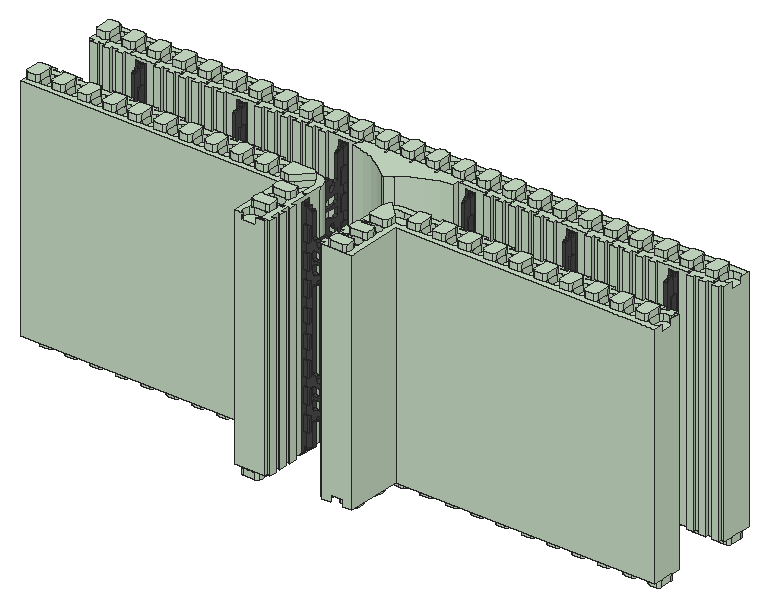
Revit family "ICF- NUDURA 4-inch- Short T Form Unit- Imperial", category Generic Models, Revit 2011 (continued)
Forms (in)
  Extrusion 96, void
    sketch origin (-7.99998, -2.00002, 0) x (0, -1, 0) y (1, 0, 0)
      loop
        arc (-5.13595, 25.17306) -> (-5.04517, 25.04783) -> (-4.89808, 24.99998) r 0.25
        line (-4.89808, 24.99998) -> (-3.97692, 24.99998)
        arc (-3.97692, 24.99998) -> (-3.82983, 25.04783) -> (-3.73905, 25.17306) r 0.25
        arc (-3.73905, 25.17306) -> (-3.69045, 25.4209) -> (-3.70172, 25.67321) r 1.0625
        arc (-3.70172, 25.67321) -> (-3.68771, 25.72383) -> (-3.64005, 25.7459) r 0.0625
        line (-3.64005, 25.7459) -> (-3.41845, 25.7459) -> (-3.41845, 25.91673) -> (-3.76455, 25.91673)
        arc (-3.76455, 25.91673) -> (-3.78736, 25.92104) -> (-3.80702, 25.93338) r 0.0625
        arc (-3.80702, 25.93338) -> (-3.88568, 25.98274) -> (-3.97692, 25.99998) r 0.25
        line (-3.97692, 25.99998) -> (-4.89808, 25.99998)
        arc (-4.89808, 25.99998) -> (-5.04517, 25.95213) -> (-5.13595, 25.8269) r 0.25
        arc (-5.13595, 25.8269) -> (-5.1875, 25.49998) -> (-5.13595, 25.17306) r 1.0625
    from 0 to 0.5
  Extrusion 97, void
    sketch origin (-5.99998, -2.00002, 0) x (0, -1, 0) y (1, 0, 0)
      loop
        arc (-5.13595, 25.17306) -> (-5.04517, 25.04783) -> (-4.89808, 24.99998) r 0.25
        line (-4.89808, 24.99998) -> (-3.97692, 24.99998)
        arc (-3.97692, 24.99998) -> (-3.82983, 25.04783) -> (-3.73905, 25.17306) r 0.25
        arc (-3.73905, 25.17306) -> (-3.69045, 25.4209) -> (-3.70172, 25.67321) r 1.0625
        arc (-3.70172, 25.67321) -> (-3.68771, 25.72383) -> (-3.64005, 25.7459) r 0.0625
        line (-3.64005, 25.7459) -> (-3.41845, 25.7459) -> (-3.41845, 25.91673) -> (-3.76455, 25.91673)
        arc (-3.76455, 25.91673) -> (-3.78736, 25.92104) -> (-3.80702, 25.93338) r 0.0625
        arc (-3.80702, 25.93338) -> (-3.88568, 25.98274) -> (-3.97692, 25.99998) r 0.25
        line (-3.97692, 25.99998) -> (-4.89808, 25.99998)
        arc (-4.89808, 25.99998) -> (-5.04517, 25.95213) -> (-5.13595, 25.8269) r 0.25
        arc (-5.13595, 25.8269) -> (-5.1875, 25.49998) -> (-5.13595, 25.17306) r 1.0625
    from 0 to 0.5
  Extrusion 98, void
    sketch origin (-3.99998, -2.00002, 0) x (0, -1, 0) y (1, 0, 0)
      loop
        arc (-5.13595, 25.17306) -> (-5.04517, 25.04783) -> (-4.89808, 24.99998) r 0.25
        line (-4.89808, 24.99998) -> (-3.97692, 24.99998)
        arc (-3.97692, 24.99998) -> (-3.82983, 25.04783) -> (-3.73905, 25.17306) r 0.25
        arc (-3.73905, 25.17306) -> (-3.69045, 25.4209) -> (-3.70172, 25.67321) r 1.0625
        arc (-3.70172, 25.67321) -> (-3.68771, 25.72383) -> (-3.64005, 25.7459) r 0.0625
        line (-3.64005, 25.7459) -> (-3.41845, 25.7459) -> (-3.41845, 25.91673) -> (-3.76455, 25.91673)
        arc (-3.76455, 25.91673) -> (-3.78736, 25.92104) -> (-3.80702, 25.93338) r 0.0625
        arc (-3.80702, 25.93338) -> (-3.88568, 25.98274) -> (-3.97692, 25.99998) r 0.25
        line (-3.97692, 25.99998) -> (-4.89808, 25.99998)
        arc (-4.89808, 25.99998) -> (-5.04517, 25.95213) -> (-5.13595, 25.8269) r 0.25
        arc (-5.13595, 25.8269) -> (-5.1875, 25.49998) -> (-5.13595, 25.17306) r 1.0625
    from 0 to 0.5
  Extrusion 99, void
    sketch origin (-1.99998, -2.00002, 0) x (0, -1, 0) y (1, 0, 0)
      loop
        arc (-5.13595, 25.17306) -> (-5.04517, 25.04783) -> (-4.89808, 24.99998) r 0.25
        line (-4.89808, 24.99998) -> (-3.97692, 24.99998)
        arc (-3.97692, 24.99998) -> (-3.82983, 25.04783) -> (-3.73905, 25.17306) r 0.25
        arc (-3.73905, 25.17306) -> (-3.69045, 25.4209) -> (-3.70172, 25.67321) r 1.0625
        arc (-3.70172, 25.67321) -> (-3.68771, 25.72383) -> (-3.64005, 25.7459) r 0.0625
        line (-3.64005, 25.7459) -> (-3.41845, 25.7459) -> (-3.41845, 25.91673) -> (-3.76455, 25.91673)
        arc (-3.76455, 25.91673) -> (-3.78736, 25.92104) -> (-3.80702, 25.93338) r 0.0625
        arc (-3.80702, 25.93338) -> (-3.88568, 25.98274) -> (-3.97692, 25.99998) r 0.25
        line (-3.97692, 25.99998) -> (-4.89808, 25.99998)
        arc (-4.89808, 25.99998) -> (-5.04517, 25.95213) -> (-5.13595, 25.8269) r 0.25
        arc (-5.13595, 25.8269) -> (-5.1875, 25.49998) -> (-5.13595, 25.17306) r 1.0625
    from 0 to 0.5
  Extrusion 100, void
    sketch origin (-49.99998, -2.00002, 0) x (0, -1, 0) y (1, 0, 0)
      loop
        arc (-5.13595, 25.17306) -> (-5.04517, 25.04783) -> (-4.89808, 24.99998) r 0.25
        line (-4.89808, 24.99998) -> (-3.97692, 24.99998)
        arc (-3.97692, 24.99998) -> (-3.82983, 25.04783) -> (-3.73905, 25.17306) r 0.25
        arc (-3.73905, 25.17306) -> (-3.69045, 25.4209) -> (-3.70172, 25.67321) r 1.0625
        arc (-3.70172, 25.67321) -> (-3.68771, 25.72383) -> (-3.64005, 25.7459) r 0.0625
        line (-3.64005, 25.7459) -> (-3.41845, 25.7459) -> (-3.41845, 25.91673) -> (-3.76455, 25.91673)
        arc (-3.76455, 25.91673) -> (-3.78736, 25.92104) -> (-3.80702, 25.93338) r 0.0625
        arc (-3.80702, 25.93338) -> (-3.88568, 25.98274) -> (-3.97692, 25.99998) r 0.25
        line (-3.97692, 25.99998) -> (-4.89808, 25.99998)
        arc (-4.89808, 25.99998) -> (-5.04517, 25.95213) -> (-5.13595, 25.8269) r 0.25
        arc (-5.13595, 25.8269) -> (-5.1875, 25.49998) -> (-5.13595, 25.17306) r 1.0625
    from 0 to 0.5
  Extrusion 101, void
    sketch origin (-47.99998, -2.00002, 0) x (0, -1, 0) y (1, 0, 0)
      loop
        arc (-5.13595, 25.17306) -> (-5.04517, 25.04783) -> (-4.89808, 24.99998) r 0.25
        line (-4.89808, 24.99998) -> (-3.97692, 24.99998)
        arc (-3.97692, 24.99998) -> (-3.82983, 25.04783) -> (-3.73905, 25.17306) r 0.25
        arc (-3.73905, 25.17306) -> (-3.69045, 25.4209) -> (-3.70172, 25.67321) r 1.0625
        arc (-3.70172, 25.67321) -> (-3.68771, 25.72383) -> (-3.64005, 25.7459) r 0.0625
        line (-3.64005, 25.7459) -> (-3.41845, 25.7459) -> (-3.41845, 25.91673) -> (-3.76455, 25.91673)
        arc (-3.76455, 25.91673) -> (-3.78736, 25.92104) -> (-3.80702, 25.93338) r 0.0625
        arc (-3.80702, 25.93338) -> (-3.88568, 25.98274) -> (-3.97692, 25.99998) r 0.25
        line (-3.97692, 25.99998) -> (-4.89808, 25.99998)
        arc (-4.89808, 25.99998) -> (-5.04517, 25.95213) -> (-5.13595, 25.8269) r 0.25
        arc (-5.13595, 25.8269) -> (-5.1875, 25.49998) -> (-5.13595, 25.17306) r 1.0625
    from 0 to 0.5
  Extrusion 102, void
    sketch origin (-45.99998, -2.00002, 0) x (0, -1, 0) y (1, 0, 0)
      loop
        arc (-5.13595, 25.17306) -> (-5.04517, 25.04783) -> (-4.89808, 24.99998) r 0.25
        line (-4.89808, 24.99998) -> (-3.97692, 24.99998)
        arc (-3.97692, 24.99998) -> (-3.82983, 25.04783) -> (-3.73905, 25.17306) r 0.25
        arc (-3.73905, 25.17306) -> (-3.69045, 25.4209) -> (-3.70172, 25.67321) r 1.0625
        arc (-3.70172, 25.67321) -> (-3.68771, 25.72383) -> (-3.64005, 25.7459) r 0.0625
        line (-3.64005, 25.7459) -> (-3.41845, 25.7459) -> (-3.41845, 25.91673) -> (-3.76455, 25.91673)
        arc (-3.76455, 25.91673) -> (-3.78736, 25.92104) -> (-3.80702, 25.93338) r 0.0625
        arc (-3.80702, 25.93338) -> (-3.88568, 25.98274) -> (-3.97692, 25.99998) r 0.25
        line (-3.97692, 25.99998) -> (-4.89808, 25.99998)
        arc (-4.89808, 25.99998) -> (-5.04517, 25.95213) -> (-5.13595, 25.8269) r 0.25
        arc (-5.13595, 25.8269) -> (-5.1875, 25.49998) -> (-5.13595, 25.17306) r 1.0625
    from 0 to 0.5
  Extrusion 103, void
    sketch origin (-43.99998, -2.00002, 0) x (0, -1, 0) y (1, 0, 0)
      loop
        arc (-5.13595, 25.17306) -> (-5.04517, 25.04783) -> (-4.89808, 24.99998) r 0.25
        line (-4.89808, 24.99998) -> (-3.97692, 24.99998)
        arc (-3.97692, 24.99998) -> (-3.82983, 25.04783) -> (-3.73905, 25.17306) r 0.25
        arc (-3.73905, 25.17306) -> (-3.69045, 25.4209) -> (-3.70172, 25.67321) r 1.0625
        arc (-3.70172, 25.67321) -> (-3.68771, 25.72383) -> (-3.64005, 25.7459) r 0.0625
        line (-3.64005, 25.7459) -> (-3.41845, 25.7459) -> (-3.41845, 25.91673) -> (-3.76455, 25.91673)
        arc (-3.76455, 25.91673) -> (-3.78736, 25.92104) -> (-3.80702, 25.93338) r 0.0625
        arc (-3.80702, 25.93338) -> (-3.88568, 25.98274) -> (-3.97692, 25.99998) r 0.25
        line (-3.97692, 25.99998) -> (-4.89808, 25.99998)
        arc (-4.89808, 25.99998) -> (-5.04517, 25.95213) -> (-5.13595, 25.8269) r 0.25
        arc (-5.13595, 25.8269) -> (-5.1875, 25.49998) -> (-5.13595, 25.17306) r 1.0625
    from 0 to 0.5
  Extrusion 104, void
    sketch origin (-41.99998, -2.00002, 0) x (0, -1, 0) y (1, 0, 0)
      loop
        arc (-5.13595, 25.17306) -> (-5.04517, 25.04783) -> (-4.89808, 24.99998) r 0.25
        line (-4.89808, 24.99998) -> (-3.97692, 24.99998)
        arc (-3.97692, 24.99998) -> (-3.82983, 25.04783) -> (-3.73905, 25.17306) r 0.25
        arc (-3.73905, 25.17306) -> (-3.69045, 25.4209) -> (-3.70172, 25.67321) r 1.0625
        arc (-3.70172, 25.67321) -> (-3.68771, 25.72383) -> (-3.64005, 25.7459) r 0.0625
        line (-3.64005, 25.7459) -> (-3.41845, 25.7459) -> (-3.41845, 25.91673) -> (-3.76455, 25.91673)
        arc (-3.76455, 25.91673) -> (-3.78736, 25.92104) -> (-3.80702, 25.93338) r 0.0625
        arc (-3.80702, 25.93338) -> (-3.88568, 25.98274) -> (-3.97692, 25.99998) r 0.25
        line (-3.97692, 25.99998) -> (-4.89808, 25.99998)
        arc (-4.89808, 25.99998) -> (-5.04517, 25.95213) -> (-5.13595, 25.8269) r 0.25
        arc (-5.13595, 25.8269) -> (-5.1875, 25.49998) -> (-5.13595, 25.17306) r 1.0625
    from 0 to 0.5
  Extrusion 105, void
    sketch origin (-39.99998, -2.00002, 0) x (0, -1, 0) y (1, 0, 0)
      loop
        arc (-5.13595, 25.17306) -> (-5.04517, 25.04783) -> (-4.89808, 24.99998) r 0.25
        line (-4.89808, 24.99998) -> (-3.97692, 24.99998)
        arc (-3.97692, 24.99998) -> (-3.82983, 25.04783) -> (-3.73905, 25.17306) r 0.25
        arc (-3.73905, 25.17306) -> (-3.69045, 25.4209) -> (-3.70172, 25.67321) r 1.0625
        arc (-3.70172, 25.67321) -> (-3.68771, 25.72383) -> (-3.64005, 25.7459) r 0.0625
        line (-3.64005, 25.7459) -> (-3.41845, 25.7459) -> (-3.41845, 25.91673) -> (-3.76455, 25.91673)
        arc (-3.76455, 25.91673) -> (-3.78736, 25.92104) -> (-3.80702, 25.93338) r 0.0625
        arc (-3.80702, 25.93338) -> (-3.88568, 25.98274) -> (-3.97692, 25.99998) r 0.25
        line (-3.97692, 25.99998) -> (-4.89808, 25.99998)
        arc (-4.89808, 25.99998) -> (-5.04517, 25.95213) -> (-5.13595, 25.8269) r 0.25
        arc (-5.13595, 25.8269) -> (-5.1875, 25.49998) -> (-5.13595, 25.17306) r 1.0625
    from 0 to 0.5
  Extrusion 106, void
    sketch origin (-37.99998, -2.00002, 0) x (0, -1, 0) y (1, 0, 0)
      loop
        arc (-5.13595, 25.17306) -> (-5.04517, 25.04783) -> (-4.89808, 24.99998) r 0.25
        line (-4.89808, 24.99998) -> (-3.97692, 24.99998)
        arc (-3.97692, 24.99998) -> (-3.82983, 25.04783) -> (-3.73905, 25.17306) r 0.25
        arc (-3.73905, 25.17306) -> (-3.69045, 25.4209) -> (-3.70172, 25.67321) r 1.0625
        arc (-3.70172, 25.67321) -> (-3.68771, 25.72383) -> (-3.64005, 25.7459) r 0.0625
        line (-3.64005, 25.7459) -> (-3.41845, 25.7459) -> (-3.41845, 25.91673) -> (-3.76455, 25.91673)
        arc (-3.76455, 25.91673) -> (-3.78736, 25.92104) -> (-3.80702, 25.93338) r 0.0625
        arc (-3.80702, 25.93338) -> (-3.88568, 25.98274) -> (-3.97692, 25.99998) r 0.25
        line (-3.97692, 25.99998) -> (-4.89808, 25.99998)
        arc (-4.89808, 25.99998) -> (-5.04517, 25.95213) -> (-5.13595, 25.8269) r 0.25
        arc (-5.13595, 25.8269) -> (-5.1875, 25.49998) -> (-5.13595, 25.17306) r 1.0625
    from 0 to 0.5
  Extrusion 107, void
    sketch origin (-35.99998, -2.00002, 0) x (0, -1, 0) y (1, 0, 0)
      loop
        arc (-5.13595, 25.17306) -> (-5.04517, 25.04783) -> (-4.89808, 24.99998) r 0.25
        line (-4.89808, 24.99998) -> (-3.97692, 24.99998)
        arc (-3.97692, 24.99998) -> (-3.82983, 25.04783) -> (-3.73905, 25.17306) r 0.25
        arc (-3.73905, 25.17306) -> (-3.69045, 25.4209) -> (-3.70172, 25.67321) r 1.0625
        arc (-3.70172, 25.67321) -> (-3.68771, 25.72383) -> (-3.64005, 25.7459) r 0.0625
        line (-3.64005, 25.7459) -> (-3.41845, 25.7459) -> (-3.41845, 25.91673) -> (-3.76455, 25.91673)
        arc (-3.76455, 25.91673) -> (-3.78736, 25.92104) -> (-3.80702, 25.93338) r 0.0625
        arc (-3.80702, 25.93338) -> (-3.88568, 25.98274) -> (-3.97692, 25.99998) r 0.25
        line (-3.97692, 25.99998) -> (-4.89808, 25.99998)
        arc (-4.89808, 25.99998) -> (-5.04517, 25.95213) -> (-5.13595, 25.8269) r 0.25
        arc (-5.13595, 25.8269) -> (-5.1875, 25.49998) -> (-5.13595, 25.17306) r 1.0625
    from 0 to 0.5
Cuts and joins
  Extrusion 2, Extrusion 3, Extrusion 4, Extrusion 5, Extrusion 6, Extrusion 7, Extrusion 8, Extrusion 9, Extrusion 10, Extrusion 11, Extrusion 12, Extrusion 13, Extrusion 14, Extrusion 15, Extrusion 16, Extrusion 17, Extrusion 18, Extrusion 19, Extrusion 20, Extrusion 21, Extrusion 22, Extrusion 23, Extrusion 24, Extrusion 25, Extrusion 26, Extrusion 27, Extrusion 28, Extrusion 29, Extrusion 30, Extrusion 31, Extrusion 32, Extrusion 33, Extrusion 34, Extrusion 35, Extrusion 36, Extrusion 37, Extrusion 38, Extrusion 39, Extrusion 40, Extrusion 41, Extrusion 46, Extrusion 47, Extrusion 48, Extrusion 49, Extrusion 50, Extrusion 51, Extrusion 52, Extrusion 53, Extrusion 54, Extrusion 55, Extrusion 56, Extrusion 57, Extrusion 58, Extrusion 59, Extrusion 60, Extrusion 61, Extrusion 62, Extrusion 63, Extrusion 64, Extrusion 65, Extrusion 66, Extrusion 67, Extrusion 68, Extrusion 69, Extrusion 70, Extrusion 71, Extrusion 72, Extrusion 73, Extrusion 74, Extrusion 75, Extrusion 76, Extrusion 77, Extrusion 78, Extrusion 79, Extrusion 80, Extrusion 81, Extrusion 82, Extrusion 83, Extrusion 84, Extrusion 85, Extrusion 86, Extrusion 87, Extrusion 88, Extrusion 89, Extrusion 90, Extrusion 91, Extrusion 92, Extrusion 93, Extrusion 94, Extrusion 95, Extrusion 96, Extrusion 97, Extrusion 98, Extrusion 99, Extrusion 100, Extrusion 101, Extrusion 102, Extrusion 103, Extrusion 104, Extrusion 105, Extrusion 106, Extrusion 107 cuts Extrusion 1
  Extrusion 53 cuts Extrusion 43
  Extrusion 85 cuts Extrusion 45
Lines and regions (in)
  model lines
    curve 1: line (-1, 3.62754, 18) -> (-1, 3.62754, 0)
Dimensions and locks (in)
  locked: plane 8 to level at 18  (x2)
  locked: plane 5 to plane 4 at 4
  locked: plane 7 to plane 6 at 4
  aligned and locked: plane 8 to Extrusion 1
  aligned and locked: Extrusion 1 to level
  aligned and locked: Extrusion 1 to plane 8
  aligned and locked: plane 2 to level
  aligned: cut or joined group 1 (Extrusion 1, Extrusion 2, Extrusion 3, Extrusion 4, Extrusion 5, Extrusion 6, Extrusion 7, Extrusion 8, Extrusion 9, Extrusion 10, Extrusion 11, Extrusion 12, Extrusion 13, Extrusion 14, Extrusion 15, Extrusion 16, Extrusion 17, Extrusion 18, Extrusion 19, Extrusion 20, Extrusion 21, Extrusion 22, Extrusion 23, Extrusion 24, Extrusion 25, Extrusion 26, Extrusion 27, Extrusion 28, Extrusion 29, Extrusion 30, Extrusion 31, Extrusion 32, Extrusion 33, Extrusion 34, Extrusion 35, Extrusion 36, Extrusion 37, Extrusion 38, Extrusion 39, Extrusion 40, Extrusion 41, Extrusion 46, Extrusion 47, Extrusion 48, Extrusion 49, Extrusion 50, Extrusion 51, Extrusion 52, Extrusion 53, Extrusion 54, Extrusion 55, Extrusion 56, Extrusion 57, Extrusion 58, Extrusion 59, Extrusion 60, Extrusion 61, Extrusion 62, Extrusion 63, Extrusion 64, Extrusion 65, Extrusion 66, Extrusion 67, Extrusion 68, Extrusion 69, Extrusion 70, Extrusion 71, Extrusion 72, Extrusion 73, Extrusion 74, Extrusion 75, Extrusion 76, Extrusion 77, Extrusion 78, Extrusion 79, Extrusion 80, Extrusion 81, Extrusion 82, Extrusion 83, Extrusion 84, Extrusion 85, Extrusion 86, Extrusion 87, Extrusion 88, Extrusion 89, Extrusion 90, Extrusion 91, Extrusion 92, Extrusion 93, Extrusion 94, Extrusion 95, Extrusion 96, Extrusion 97, Extrusion 98, Extrusion 99, Extrusion 100, Extrusion 101, Extrusion 102, Extrusion 103, Extrusion 104, Extrusion 105, Extrusion 106, Extrusion 107) to nested 37
  aligned: nested 39 to cut or joined group 1
  aligned: nested 40 to cut or joined group 1
  aligned: cut or joined group 1 to nested 41
  aligned: cut or joined group 1 to nested 104
  aligned: cut or joined group 1 to nested 105
  aligned and locked: nested 40 to nested 41
  aligned and locked: nested 106 to nested 40
  aligned: cut or joined group 1 to nested 107
  aligned: nested 109 to cut or joined group 1
  aligned: cut or joined group 1 to nested 108
  aligned: nested 110 to cut or joined group 1
  aligned: nested 111 to cut or joined group 1
  aligned: nested 112 to cut or joined group 1
  aligned and locked: nested 107 to cut or joined group 1
  aligned and locked: nested 118 to cut or joined group 1
  aligned and locked: cut or joined group 1 to nested 117
  aligned and locked: cut or joined group 1 to nested 116
  aligned and locked: cut or joined group 1 to nested 115
  aligned and locked: cut or joined group 1 to nested 114
  aligned and locked: cut or joined group 1 to nested 113
  aligned and locked: nested 119 to cut or joined group 1
Nested families (in)
  nested 1: "Interlock Tooth" at (-1, -9.99998, 0) x (0, 1, 0) z (0, 0, 1), type "Interlock Tooth"
  nested 2: "Interlock Tooth" at (-1, -7.99998, 0) x (0, 1, 0) z (0, 0, 1), type "Interlock Tooth"
  nested 3: "Interlock Tooth" at (1, -8.99998, 0) x (0, 1, 0) z (0, 0, 1), type "Interlock Tooth"
  nested 4: "Interlock Tooth" at (1, -6.99998, 0) x (0, 1, 0) z (0, 0, 1), type "Interlock Tooth"
  nested 5: "Interlock Tooth" at (-9, 0.00002, 0), type "Interlock Tooth"
  nested 6: "Interlock Tooth" at (-7, 0.00002, 0), type "Interlock Tooth"
  nested 7: "Interlock Tooth" at (5, 0.00002, 0), type "Interlock Tooth"
  nested 8: "Interlock Tooth" at (7, 0.00002, 0), type "Interlock Tooth"
  nested 9: "Interlock Tooth" at (-8, 0.00002, -18.5), type "Interlock Tooth"
  nested 10: "Interlock Tooth" at (-6, 0.00002, -18.5), type "Interlock Tooth"
  nested 11: "Interlock Tooth" at (8, 0.00002, -18.5), type "Interlock Tooth"
  nested 12: "Interlock Tooth" at (6, 0.00002, -18.5), type "Interlock Tooth"
  nested 13: "Interlock Tooth" at (1, -8.99998, -18.5) x (0, -1, 0) z (0, 0, 1), type "Interlock Tooth"
  nested 14: "Interlock Tooth" at (1, -6.99998, -18.5) x (0, -1, 0) z (0, 0, 1), type "Interlock Tooth"
  nested 15: "Interlock Tooth" at (-1, -8.99998, -18.5) x (0, 1, 0) z (0, 0, 1), type "Interlock Tooth"
  nested 16: "Interlock Tooth" at (-1, -6.99998, -18.5) x (0, 1, 0) z (0, 0, 1), type "Interlock Tooth"
  nested 17: "Interlock Tooth" at (-8, -2.00002, 0) x (-1, 0, 0) z (0, 0, 1), type "Interlock Tooth"
  nested 18: "Interlock Tooth" at (-9, -2.00002, -18.5) x (-1, 0, 0) z (0, 0, 1), type "Interlock Tooth"
  nested 19: "Interlock Tooth" at (-6, -2.00002, 0) x (-1, 0, 0) z (0, 0, 1), type "Interlock Tooth"
  nested 20: "Interlock Tooth" at (-7, -2.00002, -18.5) x (-1, 0, 0) z (0, 0, 1), type "Interlock Tooth"
  nested 21: "Interlock Tooth" at (-4, -2.00002, 0) x (-1, 0, 0) z (0, 0, 1), type "Interlock Tooth"
  nested 22: "Interlock Tooth" at (-5, -2.00002, -18.5) x (-1, 0, 0) z (0, 0, 1), type "Interlock Tooth"
  nested 23: "Interlock Tooth" at (-2, -2.00002, 0) x (-1, 0, 0) z (0, 0, 1), type "Interlock Tooth"
  nested 24: "Interlock Tooth" at (-3, -2.00002, -18.5) x (-1, 0, 0) z (0, 0, 1), type "Interlock Tooth"
  nested 25: "Interlock Tooth" at (0, -2.00002, 0) x (-1, 0, 0) z (0, 0, 1), type "Interlock Tooth"
  nested 26: "Interlock Tooth" at (-1, -2.00002, -18.5) x (-1, 0, 0) z (0, 0, 1), type "Interlock Tooth"
  nested 27: "Interlock Tooth" at (2, -2.00002, 0) x (-1, 0, 0) z (0, 0, 1), type "Interlock Tooth"
  nested 28: "Interlock Tooth" at (1, -2.00002, -18.5) x (-1, 0, 0) z (0, 0, 1), type "Interlock Tooth"
  nested 29: "Interlock Tooth" at (4, -2.00002, 0) x (-1, 0, 0) z (0, 0, 1), type "Interlock Tooth"
  nested 30: "Interlock Tooth" at (3, -2.00002, -18.5) x (-1, 0, 0) z (0, 0, 1), type "Interlock Tooth"
  nested 31: "Interlock Tooth" at (6, -2.00002, 0) x (-1, 0, 0) z (0, 0, 1), type "Interlock Tooth"
  nested 32: "Interlock Tooth" at (5, -2.00002, -18.5) x (-1, 0, 0) z (0, 0, 1), type "Interlock Tooth"
  nested 33: "Interlock Tooth" at (8, -2.00002, 0) x (-1, 0, 0) z (0, 0, 1), type "Interlock Tooth"
  nested 34: "Interlock Tooth" at (7, -2.00002, -18.5) x (-1, 0, 0) z (0, 0, 1), type "Interlock Tooth"
  nested 35: "Interlock Tooth" at (10, -2.00002, 0) x (-1, 0, 0) z (0, 0, 1), type "Interlock Tooth"
  nested 36: "Interlock Tooth" at (9, -2.00002, -18.5) x (-1, 0, 0) z (0, 0, 1), type "Interlock Tooth"
  nested 37: "NUDURA Diamond Pattern Missing Two Lines" at (-10.25, -9.99998, 0) x (0, 1, 0) z (0, 0, 1), type "NUDURA Diamond Pattern minus Two lines"
  nested 38: "NUDURA Diamond Pattern Missing Two Lines" at (-9, 0, 0), type "NUDURA Diamond Pattern minus Two lines"
  nested 39: "NUDURA Diamond Pattern Missing Two Lines" at (-1, -9.99998, 0) x (0, 1, 0) z (0, 0, 1), type "NUDURA Diamond Pattern minus Two lines"
  nested 40: "NUDURA Logo Diamond" at (16.99744, 3.62754, 0) x (-1, 0, 0) z (0, 0, 1), type "NUDURA Logo Diamond"
  nested 41: "NUDURA Logo Diamond" at (6.99744, 3.62754, 0) x (-1, 0, 0) z (0, 0, 1), type "NUDURA Logo Diamond"
  nested 42: "Interlock Tooth" at (-16, -2.00002, 0) x (-1, 0, 0) z (0, 0, 1), type "Interlock Tooth"
  nested 43: "Interlock Tooth" at (-14, -2.00002, 0) x (-1, 0, 0) z (0, 0, 1), type "Interlock Tooth"
  nested 44: "Interlock Tooth" at (-12, -2.00002, 0) x (-1, 0, 0) z (0, 0, 1), type "Interlock Tooth"
  nested 45: "Interlock Tooth" at (-10, -2.00002, 0) x (-1, 0, 0) z (0, 0, 1), type "Interlock Tooth"
  nested 46: "Interlock Tooth" at (-18, -2.00002, 0) x (-1, 0, 0) z (0, 0, 1), type "Interlock Tooth"
  nested 47: "Interlock Tooth" at (-24, -2.00002, 0) x (-1, 0, 0) z (0, 0, 1), type "Interlock Tooth"
  nested 48: "Interlock Tooth" at (-22, -2.00002, 0) x (-1, 0, 0) z (0, 0, 1), type "Interlock Tooth"
  nested 49: "Interlock Tooth" at (-20, -2.00002, 0) x (-1, 0, 0) z (0, 0, 1), type "Interlock Tooth"
  nested 50: "Interlock Tooth" at (-13, 0.00002, 0), type "Interlock Tooth"
  nested 51: "Interlock Tooth" at (-11, 0.00002, 0), type "Interlock Tooth"
  nested 52: "Interlock Tooth" at (-17, 0.00002, 0), type "Interlock Tooth"
  nested 53: "Interlock Tooth" at (-15, 0.00002, 0), type "Interlock Tooth"
  nested 54: "Interlock Tooth" at (-21, 0.00002, 0), type "Interlock Tooth"
  nested 55: "Interlock Tooth" at (-19, 0.00002, 0), type "Interlock Tooth"
  nested 56: "Interlock Tooth" at (-25, 0.00002, 0), type "Interlock Tooth"
  nested 57: "Interlock Tooth" at (-23, 0.00002, 0), type "Interlock Tooth"
  nested 58: "Interlock Tooth" at (9, 0.00002, 0), type "Interlock Tooth"
  nested 59: "Interlock Tooth" at (11, 0.00002, 0), type "Interlock Tooth"
  nested 60: "Interlock Tooth" at (13, 0.00002, 0), type "Interlock Tooth"
  nested 61: "Interlock Tooth" at (15, 0.00002, 0), type "Interlock Tooth"
  nested 62: "Interlock Tooth" at (17, 0.00002, 0), type "Interlock Tooth"
  nested 63: "Interlock Tooth" at (19, 0.00002, 0), type "Interlock Tooth"
  nested 64: "Interlock Tooth" at (21, 0.00002, 0), type "Interlock Tooth"
  nested 65: "Interlock Tooth" at (23, 0.00002, 0), type "Interlock Tooth"
  nested 66: "Interlock Tooth" at (14, -2.00002, 0) x (-1, 0, 0) z (0, 0, 1), type "Interlock Tooth"
  nested 67: "Interlock Tooth" at (16, -2.00002, 0) x (-1, 0, 0) z (0, 0, 1), type "Interlock Tooth"
  nested 68: "Interlock Tooth" at (18, -2.00002, 0) x (-1, 0, 0) z (0, 0, 1), type "Interlock Tooth"
  nested 69: "Interlock Tooth" at (20, -2.00002, 0) x (-1, 0, 0) z (0, 0, 1), type "Interlock Tooth"
  nested 70: "Interlock Tooth" at (22, -2.00002, 0) x (-1, 0, 0) z (0, 0, 1), type "Interlock Tooth"
  nested 71: "Interlock Tooth" at (24, -2.00002, 0) x (-1, 0, 0) z (0, 0, 1), type "Interlock Tooth"
  nested 72: "Interlock Tooth" at (12, -2.00002, 0) x (-1, 0, 0) z (0, 0, 1), type "Interlock Tooth"
  nested 73: "Interlock Tooth" at (-12, 0.00002, -18.5), type "Interlock Tooth"
  nested 74: "Interlock Tooth" at (-10, 0.00002, -18.5), type "Interlock Tooth"
  nested 75: "Interlock Tooth" at (-16, 0.00002, -18.5), type "Interlock Tooth"
  nested 76: "Interlock Tooth" at (-14, 0.00002, -18.5), type "Interlock Tooth"
  nested 77: "Interlock Tooth" at (-20, 0.00002, -18.5), type "Interlock Tooth"
  nested 78: "Interlock Tooth" at (-18, 0.00002, -18.5), type "Interlock Tooth"
  nested 79: "Interlock Tooth" at (-24, 0.00002, -18.5), type "Interlock Tooth"
  nested 80: "Interlock Tooth" at (-22, 0.00002, -18.5), type "Interlock Tooth"
  nested 81: "Interlock Tooth" at (12, 0.00002, -18.5), type "Interlock Tooth"
  nested 82: "Interlock Tooth" at (10, 0.00002, -18.5), type "Interlock Tooth"
  nested 83: "Interlock Tooth" at (16, 0.00002, -18.5), type "Interlock Tooth"
  nested 84: "Interlock Tooth" at (14, 0.00002, -18.5), type "Interlock Tooth"
  nested 85: "Interlock Tooth" at (20, 0.00002, -18.5), type "Interlock Tooth"
  nested 86: "Interlock Tooth" at (18, 0.00002, -18.5), type "Interlock Tooth"
  nested 87: "Interlock Tooth" at (24, 0.00002, -18.5), type "Interlock Tooth"
  nested 88: "Interlock Tooth" at (22, 0.00002, -18.5), type "Interlock Tooth"
  nested 89: "Interlock Tooth" at (11, -2.00002, -18.5) x (-1, 0, 0) z (0, 0, 1), type "Interlock Tooth"
  nested 90: "Interlock Tooth" at (13, -2.00002, -18.5) x (-1, 0, 0) z (0, 0, 1), type "Interlock Tooth"
  nested 91: "Interlock Tooth" at (15, -2.00002, -18.5) x (-1, 0, 0) z (0, 0, 1), type "Interlock Tooth"
  nested 92: "Interlock Tooth" at (17, -2.00002, -18.5) x (-1, 0, 0) z (0, 0, 1), type "Interlock Tooth"
  nested 93: "Interlock Tooth" at (19, -2.00002, -18.5) x (-1, 0, 0) z (0, 0, 1), type "Interlock Tooth"
  nested 94: "Interlock Tooth" at (21, -2.00002, -18.5) x (-1, 0, 0) z (0, 0, 1), type "Interlock Tooth"
  nested 95: "Interlock Tooth" at (23, -2.00002, -18.5) x (-1, 0, 0) z (0, 0, 1), type "Interlock Tooth"
  nested 96: "Interlock Tooth" at (25, -2.00002, -18.5) x (-1, 0, 0) z (0, 0, 1), type "Interlock Tooth"
  nested 97: "Interlock Tooth" at (-23, -2.00002, -18.5) x (-1, 0, 0) z (0, 0, 1), type "Interlock Tooth"
  nested 98: "Interlock Tooth" at (-21, -2.00002, -18.5) x (-1, 0, 0) z (0, 0, 1), type "Interlock Tooth"
  nested 99: "Interlock Tooth" at (-19, -2.00002, -18.5) x (-1, 0, 0) z (0, 0, 1), type "Interlock Tooth"
  nested 100: "Interlock Tooth" at (-17, -2.00002, -18.5) x (-1, 0, 0) z (0, 0, 1), type "Interlock Tooth"
  nested 101: "Interlock Tooth" at (-15, -2.00002, -18.5) x (-1, 0, 0) z (0, 0, 1), type "Interlock Tooth"
